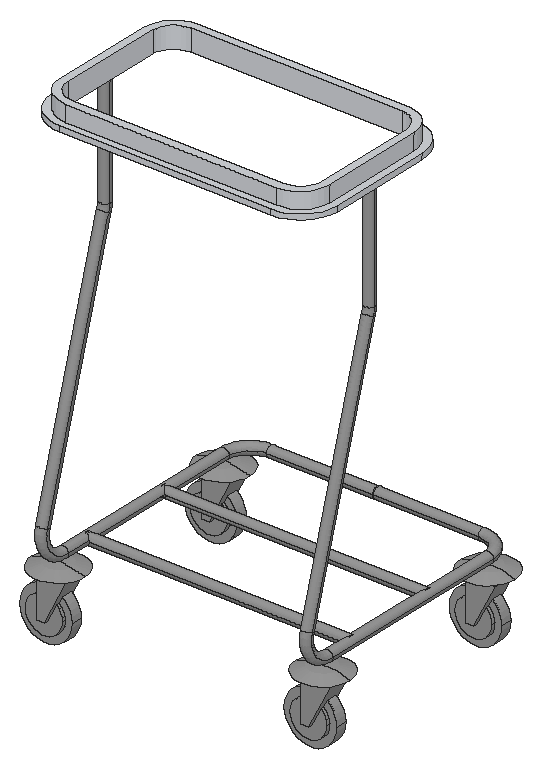
Revit family "Тележка медицинская для грязного белья на 1 мешок", category Оборудование, Revit 2017
Family settings
  Размер круглого соединителя = Использовать диаметр
  Тип детали = Нормальный
  На основе рабочей плоскости = Нет
  Всегда вертикально = Да
  При загрузке вырезать с полостями = Нет
  Общий = Нет
  Точка расчета площади = Нет
Parameters (values of type "Тип")
  Общ_Ширина = 580.0 mm
  Общ_Тип, марка = "16-FP501"
  Общ_Примечание = ""
  Общ_Поставщик = "Vernipoll"
  Общ_Позиция = ""
  Общ_Наименование = "Тележка медицинская для грязного белья, на 1 мешок"
  Общ_Масса = ""
  Общ_Код продукции = ""
  Общ_Единицы измерения = "шт."
  Общ_Глубина = 580.0 mm
  Общ_Высота = 950.0 mm
  Keynote = ""
  Model = ""
Reference planes
  plane 1 "По центру (Вперед/Назад)": y = 0
  plane 2: z = 0
  plane 3 "По центру (Влево/Вправо)": x = 0
  plane 4: x = 250
  plane 5: x = -250
  plane 6: y = 250
  plane 7: y = -250
  plane 8: z = 910
  plane 9: z = 950
  plane 10: y = 200
  plane 11: z = 150
  plane 12: y = 200
Forms (mm)
  Sweep 1, solid, material "Сталь, нержавеющая AISI 304"
    path origin (-250, 300, 1200) x (0, 1, 0) y (0, 0, 1)
      loop
        line (-100, -1050) -> (-479.372, -1050)
        arc (-479.372, -1050) -> (-519.564, -1029.741) -> (-527.187, -985.381) r 50
        line (-527.187, -985.381) -> (-382.609, -512.489)
        arc (-382.609, -512.489) -> (-380.974, -505.261) -> (-380.424, -497.871) r 50
        line (-380.424, -497.871) -> (-380.424, -290)
    profile origin (-250, 10.314, 150) x (0, 0, -1) y (1, 0, 0)
      loop
        circle (0, 0) r 10
  Sweep 2, solid, material "Сталь, нержавеющая AISI 304"
    path origin (0, 200, 150) x (0, 1, 0) y (-1, 0, 0)
      loop
        line (50, 0) -> (50, 200)
        arc (50, 200) -> (35.355, 235.355) -> (0, 250) r 50
    profile origin (-100, 250, 150) x (0, -1, 0) y (0, 0, 1)
      loop
        circle (0, 0) r 10
  Sweep 3, solid, material "Сталь, нержавеющая AISI 304"
    path origin (250, 300, 1200) x (0, 1, 0) y (0, 0, -1)
      loop
        line (-100, 1050) -> (-479.372, 1050)
        arc (-479.372, 1050) -> (-519.564, 1029.741) -> (-527.187, 985.381) r 50
        line (-527.187, 985.381) -> (-382.609, 512.489)
        arc (-382.609, 512.489) -> (-380.974, 505.261) -> (-380.424, 497.871) r 50
        line (-380.424, 497.871) -> (-380.424, 290)
    profile origin (250, 10.314, 150) x (0, 0, 1) y (-1, 0, 0)
      loop
        circle (0, 0) r 10
  Sweep 4, solid, material "Сталь, нержавеющая AISI 304"
    path origin (0, 200, 150) x (0, 1, 0) y (-1, 0, 0)
      loop
        line (50, 0) -> (50, -200)
        arc (50, -200) -> (35.355, -235.355) -> (0, -250) r 50
    profile origin (100, 250, 150) x (0, 1, 0) y (0, 0, 1)
      loop
        circle (0, 0) r 10
  Extrusion 5, solid, material "Сталь, нержавеющая AISI 304"
    sketch origin (0, 0, 0) x (0, 1, 0) y (0, 0, 1)
      loop
        circle (57.473, 150) r 10
      loop
        circle (-122.533, 150) r 10
    from 250 to -250
  Sweep 6, solid
    path origin (-430, -1524, 910) x (-1, 0, 0) y (0, -1, 0)
      loop
        arc (-680, -1543.576) -> (-665.355, -1578.931) -> (-630, -1593.576) r 50
        line (-630, -1593.576) -> (-230, -1593.576)
        arc (-230, -1593.576) -> (-194.645, -1578.931) -> (-180, -1543.576) r 50
        line (-180, -1543.576) -> (-180, -1343.576)
        arc (-180, -1343.576) -> (-194.645, -1308.22) -> (-230, -1293.576) r 50
        line (-230, -1293.576) -> (-630, -1293.576)
        arc (-630, -1293.576) -> (-665.355, -1308.22) -> (-680, -1343.576) r 50
        line (-680, -1343.576) -> (-680, -1543.576)
    profile origin (250, -80.424, 910) x (1, 0, 0) y (0, 0, 1)
      loop
        line (-10, 0) -> (20, 0) -> (20, 10) -> (5, 10) -> (5, 40) -> (-10, 40) -> (-10, 0)
Dimensions and locks
  aligned and locked: level to plane 2
Nested families
  nested 1: "Колесо для тележек Д10 с бампером h=140" at (235, -190, 0), type "Колесо Д10 с бампером h=140"
  nested 2: "Колесо для тележек Д10 с бампером h=140" at (235, 200, 0), type "Колесо Д10 с бампером h=140"
  nested 3: "Колесо для тележек Д10 с бампером h=140" at (-265, 200, 0), type "Колесо Д10 с бампером h=140"
  nested 4: "Колесо для тележек Д10 с бампером h=140" at (-265, -190, 0), type "Колесо Д10 с бампером h=140"
Definition of nested family "Колесо для тележек Д10 с бампером h=140"
  Parameters (values of type "Колесо Д10 с бампером h=140")
    Keynote = ""
    Model = "ТХ"  # constant formula
    GKS_Mep_Примечание = ""
    GKS_Mep_Обозначение = ""
    GKS_Mep_Наименование = "Колесо Д10 с бампером h=140"
    GKS_Mep_Масса = ""
    GKS_Mep_Код оборудования = ""
    GKS_Mep_Завод = ""
    GKS_Mep_Единицы = "шт."
  Types (2, lengths in mm): name | GKS_Mep_Наименование
    Колесо Д10 с бампером h=140 | "Колесо Д10 с бампером h=140"
    ИЗМЕНИТЬ!!!!! | ""
  Reference planes
    plane 1 "По центру (Вперед/Назад)": y = 0
    plane 2: z = 0
    plane 3 "По центру (Влево/Вправо)": x = 0
    plane 4: z = 140
    plane 5: z = 120
    plane 6: x = 15
    plane 7: z = 130
    plane 8: z = 50
  Forms (mm)
    Extrusion 1, solid, detail levels fine
      sketch origin (0, 0, 0) x (1, 0, 0) y (0, 0, 1)
        loop
          circle (0, 50) r 50
      from -10 to 10
    Extrusion 2, solid, detail levels fine
      sketch origin (0, 0, 0) x (1, 0, 0) y (0, 0, 1)
        loop
          circle (0, 50) r 35
      from -15 to 15
    Revolve 3, solid
      sketch origin (-10, 0, 0) x (1, 0, 0) y (0, 0, 1)
        loop
          arc (25, 140) -> (-0.495, 137.475) -> (-25, 130) r 130
          arc (-25, 130) -> (-0.495, 122.525) -> (25, 120) r 130
          line (25, 120) -> (25, 140)
        axis (25, 140) -> (25, 120)
      angle from 0 to 360
    Extrusion 4, solid, detail levels fine
      sketch origin (0, 0, 0) x (1, 0, 0) y (0, 0, 1)
        loop
          line (-10, 120) -> (-10, 40) -> (4.905, 40) -> (45.667, 120) -> (-10, 120)
      from -20 to 20
  Lines and regions (mm)
    symbolic lines, detail levels coarse+medium
      curve 1: line (15, 10, 0) -> (15, -10, 0)
      curve 2: line (4.905, 0, 0) -> (24.905, 0, 0)
  Dimensions and locks
    aligned and locked: level to plane 2
